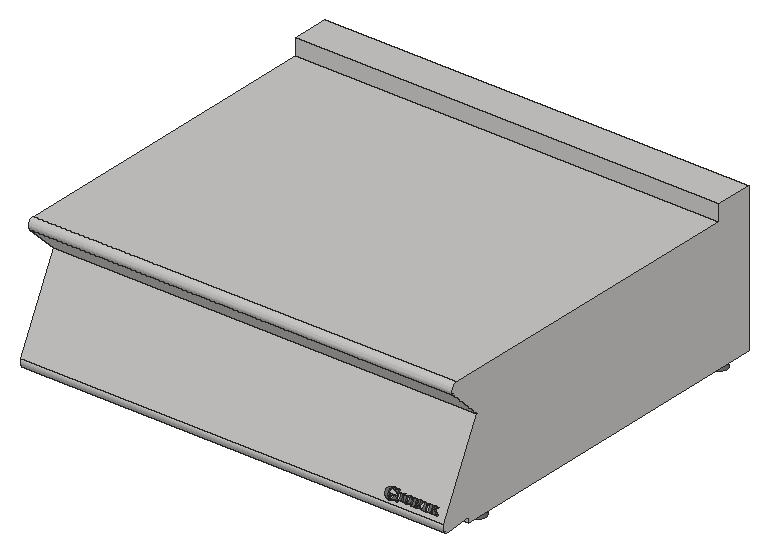
Revit family "QF_GIORIK_EN740T", category Specialty Equipment, Revit 2014
Parameters (values of type "EN740T")
  Weight in Pounds = 99.2079
  URL Cutsheet = "www.giorik.com"
  URL = "www.giorik.com"
  Status [instance] = ""
  Specification by User [instance] = ""
  Specification by Manufacturer = ""
  Show Logo [instance] = yes
  Show Clearance [instance] = yes
  Serial Number = ""
  Seismic Rating = ""
  SMACNA No = ""
  Revision Code [instance] = ""
  NAFEM Spec ID Number = ""
  Model = "EN740T"
  Masterspec = ""
  Manufacturer = "GIORIK"
  Item Number [instance] = ""
  Installed By [instance] = ""
  Identify Quantity as Lot [instance] = no
  Furnished By [instance] = ""
  Foodservice Equipment Identifier [instance] = yes
  Description = "NEUTRAL UNIT - COUNTERTOP"
  CSI MasterFormat = ""
  Assembly Code = "E1090320"
Reference planes
  plane 1 "Back": y = 0
  plane 2: z = 0
  plane 3 "Left": x = 0
  plane 4 "Right": x = 800
  plane 5 "Front": y = -720
  plane 6 "Top": z = 300
Forms (mm)
  Extrusion 1, solid, visible <- "Show Logo"
    sketch origin (591.604, -736.761, 9.486) x (-1, 0, 0) y (0, 0.452718, 0.891654)
      loop
        line (-118.824, 58.358) -> (-127.804, 58.358) -> (-125.523, 56.445) -> (-125.523, 48.027) -> (-127.804, 46.113) -> (-118.824, 46.113) -> (-121.105, 48.027) -> (-121.105, 56.445) -> (-118.824, 58.358)
      loop
        line (-163.721, 58.358) -> (-172.7, 58.358) -> (-170.42, 56.445) -> (-170.42, 48.027) -> (-172.7, 46.113) -> (-163.721, 46.113) -> (-166.001, 48.027) -> (-166.001, 56.445) -> (-163.721, 58.358)
      loop
        line (-174.332, 58.358) -> (-183.312, 58.358) -> (-181.031, 56.445) -> (-181.031, 52.435) -> (-186.419, 56.955) -> (-184.416, 58.358) -> (-191.268, 58.358) -> (-188.01, 56.839) -> (-185.455, 54.283) -> (-190.846, 47.858) -> (-193.396, 46.93) -> (-193.396, 46.113) -> (-184.416, 46.113) -> (-185.437, 47.571) -> (-182.443, 51.552) -> (-181.031, 50.894) -> (-181.031, 48.027) -> (-183.312, 46.113) -> (-174.332, 46.113) -> (-176.613, 48.027) -> (-176.613, 56.445) -> (-174.332, 58.358)
      loop
        line (-115.429, 62.063) -> (-115.429, 54.198)
        arc (-115.429, 54.198) -> (-111.618, 57.803) -> (-106.847, 59.986) r 16.039
        arc (-106.847, 59.986) -> (-103.314, 59.837) -> (-100.512, 57.68) r 5.851
        arc (-100.512, 57.68) -> (-98.815, 52.267) -> (-100.512, 46.853) r 9.479
        arc (-100.512, 46.853) -> (-102.406, 44.986) -> (-104.846, 43.93) r 7.236
        arc (-104.846, 43.93) -> (-107.728, 44.111) -> (-110.052, 45.825) r 5.11
        line (-110.052, 45.825) -> (-110.052, 52.001) -> (-116.141, 52.001) -> (-116.141, 45.503) -> (-117.893, 43.751) -> (-114.094, 44.769)
        arc (-114.094, 44.769) -> (-112.56, 44.947) -> (-111.129, 44.366) r 3.115
        arc (-111.129, 44.366) -> (-104.216, 42.091) -> (-97.303, 44.366) r 11.641
        arc (-97.303, 44.366) -> (-93.396, 52.107) -> (-97.303, 59.849) r 9.622
        arc (-97.303, 59.849) -> (-104.369, 62.174) -> (-111.435, 59.849) r 11.898
        line (-111.435, 59.849) -> (-115.429, 62.063)
      loop
        arc (-129.234, 56.068) -> (-135.893, 58.628) -> (-142.552, 56.068) r 9.941
        arc (-142.552, 56.068) -> (-144.234, 52.286) -> (-142.552, 48.505) r 5.093
        arc (-142.552, 48.505) -> (-135.893, 45.945) -> (-129.234, 48.505) r 9.941
        arc (-129.234, 48.505) -> (-127.552, 52.286) -> (-129.234, 56.068) r 5.093
      loop
        arc (-132.628, 54.403) -> (-135.893, 57.668) -> (-139.158, 54.403) r 3.265
        line (-139.158, 54.403) -> (-139.158, 50.169)
        arc (-139.158, 50.169) -> (-135.893, 46.904) -> (-132.628, 50.169) r 3.265
        line (-132.628, 50.169) -> (-132.628, 54.403)
      loop
        arc (-156.363, 58.365) -> (-159.647, 55.081) -> (-156.363, 51.796) r 3.285
        line (-156.363, 51.796) -> (-159.529, 47.306) -> (-162.087, 46.113) -> (-155.847, 46.113) -> (-153.529, 51.083) -> (-150.637, 51.083) -> (-150.637, 47.784) -> (-153.022, 46.113) -> (-144.011, 46.113) -> (-146.094, 47.68) -> (-146.094, 56.493) -> (-144.229, 58.365) -> (-156.363, 58.365)
      loop
        line (-150.637, 57.512) -> (-153.637, 57.512)
        arc (-153.637, 57.512) -> (-156.237, 54.912) -> (-153.637, 52.312) r 2.6
        line (-153.637, 52.312) -> (-150.637, 52.312) -> (-150.637, 57.512)
      loop
        line (-108.924, 52.001) -> (-104.936, 49.005) -> (-100.948, 52.001) -> (-108.924, 52.001)
    from 1.5 to -0.5
  Extrusion 2, solid
    sketch origin (0, 1000, -620) x (0, 1, 0) y (0, 0, 1)
      loop
        line (-1000, 919.988) -> (-1070, 919.988) -> (-1070, 889.988) -> (-1688.806, 889.988)
        arc (-1688.806, 889.988) -> (-1699.151, 883.075) -> (-1696.724, 870.873) r 11.197
        line (-1696.724, 870.873) -> (-1640.876, 815.025) -> (-1718.948, 661.258)
        arc (-1718.948, 661.258) -> (-1718.233, 650.105) -> (-1708.118, 645.354) r 10.981
        line (-1708.118, 645.354) -> (-1660, 649.925) -> (-1660, 640) -> (-1000, 640) -> (-1000, 919.988)
    from 0 to 800
  Extrusion 3, solid
    sketch origin (543.603, 45.293, -30) x (0, 1, 0) y (-1, 0, 0)
      loop
        circle (-79.293, 516.603) r 5
    from 41.965 to 50
  Revolve 4, solid
    sketch origin (27, 49.943, -600) x (0, 1, 0) y (0, 0, 1)
      loop
        line (-83.943, 611.965) -> (-94.752, 611.965) -> (-97.943, 600) -> (-83.943, 600) -> (-83.943, 611.965)
      axis (-83.943, 611.965) -> (-83.943, 600)
    angle from 0 to 360
  Extrusion 5, solid
    sketch origin (543.603, -524.707, -30) x (0, 1, 0) y (-1, 0, 0)
      loop
        circle (-79.293, 516.603) r 5
    from 41.965 to 50
  Revolve 6, solid
    sketch origin (27, -520.057, -600) x (0, 1, 0) y (0, 0, 1)
      loop
        line (-83.943, 611.965) -> (-94.752, 611.965) -> (-97.943, 600) -> (-83.943, 600) -> (-83.943, 611.965)
      axis (-83.943, 611.965) -> (-83.943, 600)
    angle from 0 to 360
  Extrusion 7, solid
    sketch origin (256.397, 45.293, -30) x (0, 1, 0) y (-1, 0, 0)
      loop
        circle (-79.293, -516.603) r 5
    from 41.965 to 50
  Revolve 8, solid
    sketch origin (773, 49.943, -600) x (0, 1, 0) y (0, 0, -1)
      loop
        line (-83.943, -611.965) -> (-83.943, -600) -> (-97.943, -600) -> (-94.752, -611.965) -> (-83.943, -611.965)
      axis (-83.943, -611.965) -> (-83.943, -600)
    angle from 0 to 360
  Extrusion 9, solid
    sketch origin (256.397, -524.707, -30) x (0, 1, 0) y (-1, 0, 0)
      loop
        circle (-79.293, -516.603) r 5
    from 41.965 to 50
  Revolve 10, solid
    sketch origin (773, -520.057, -600) x (0, 1, 0) y (0, 0, -1)
      loop
        line (-83.943, -611.965) -> (-83.943, -600) -> (-97.943, -600) -> (-94.752, -611.965) -> (-83.943, -611.965)
      axis (-83.943, -611.965) -> (-83.943, -600)
    angle from 0 to 360
Lines and regions (mm)
  symbolic lines, style "200-EquipBorder-2D"
    curve 1: line (0, -720, 0) -> (800, -720, 0)
    curve 2: line (800, -720, 0) -> (800, 0, 0)
    curve 3: line (800, 0, 0) -> (0, 0, 0)
    curve 4: line (0, 0, 0) -> (0, -720, 0)
  symbolic lines, style "200-EquipInternal-2D"
    curve 5: line (0, -70, 300) -> (800, -70, 300)
Dimensions and locks
  plane 3 "Left" to plane 4 "Right" = 800 mm
  plane 5 "Front" to plane 1 "Back" = 720 mm
  plane 4 "Right" to plane 3 "Left" = 800 mm
  plane 1 "Back" to plane 5 "Front" = 720 mm
  plane 6 "Top" to level = 300 mm  (x2)
  aligned and locked: level to plane 2
